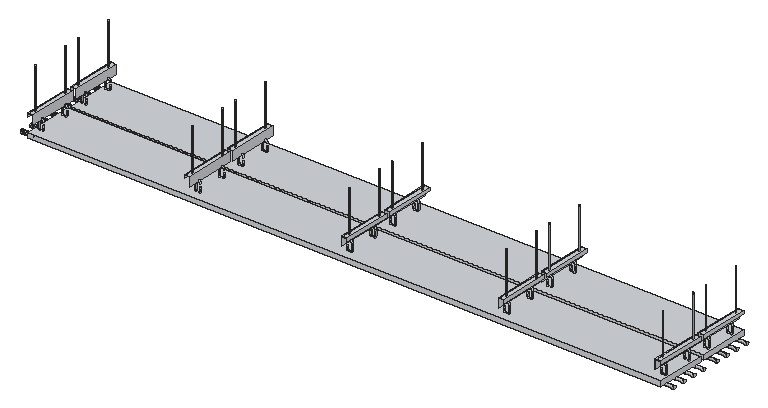
Revit family "INFRA_AQUA_ECO_TYPE_2", category Mechanical Equipment, Revit 2015
Parameters (values of type "Type 2 L=4000")
  URL = "http://www.markclimate.co.uk/radiant-heating/water-supplied/infra-aqua-eco/"
  Total_width = 636 mm
  Space_between_elements = 12 mm
  Product_serie = "INFRA AQUA ECO"  # constant formula
  Pipe_spacing = 75 mm
  Panelweight [instance] = 12.40 kg
  Panel_height = 42 mm
  Model = "Type 1"
  Material_index = 4
  Material = none
  Manufacturer = "MARK Climate Technology"  # constant formula
  Length = Material_index * 1000 mm  # 4000 mm
  Last_panel [instance] = no
  Ifc_Export_type = "RADIATOR"  # constant formula
  Ifc_Export_as = "IfcSpaceHeater"  # constant formula
  Ifc_Description = "Radiant heater, waterfed, type INFRA AQUA ECO"  # constant formula
  Hook_panel = 28.302 mm
  Heating_load = 0 W
  Hanger_downforce_per_anchor [instance] = 12.16 kN
  First_panel [instance] = no
  Description = "Radiant heater, waterfed, type INFRA AQUA ECO"  # constant formula
  Date_last_modification = ""
  Ceiling_height = 350 mm
Types (3, lengths in mm): name | Panelweight | Material_index | Material | Length | Hanger_downforce_per_anchor
  (no name) | 12.40 kg | 4 | none | 4000 | 12.16 kN
  Type 2 L=4000 | 12.40 kg | 4 | none | 4000 | 12.16 kN
  Type 2 L=6000 | 18.50 kg | 6 | Aluminium | 6000 | 18.15 kN
Reference planes
  plane 1 "Center (Front/Back)": y = 165
  plane 2: z = 0
  plane 3 "Center (Left/Right)": x = 0
  plane 4: z = -12
  plane 5: x = -1945
  plane 6: x = 1945
  plane 7: x = 2000
  plane 8: x = -2000
  plane 9: z = -11
  plane 10: y = -153
  plane 11: z = 30
  plane 12: y = -102.5
  plane 13: y = -122.5
  plane 14: y = -47.5
  plane 15: y = -27.5
  plane 16: y = 27.5
  plane 17: y = 47.5
  plane 18: y = 102.5
  plane 19: y = 122.5
  plane 20: z = 4
  plane 21: z = 58.302
  plane 22: y = 112.5
  plane 23: y = 37.5
  plane 24: y = -37.5
  plane 25: y = -112.5
  plane 26: z = -3.5
  plane 27: z = -11
  plane 28: z = 30
  plane 29: y = 227.5
  plane 30: y = 207.5
  plane 31: y = 282.5
  plane 32: y = 302.5
  plane 33: y = 357.5
  plane 34: y = 377.5
  plane 35: y = 432.5
  plane 36: y = 452.5
  plane 37: z = 4
  plane 38: z = 58.302
  plane 39: y = 442.5
  plane 40: y = 367.5
  plane 41: y = 292.5
  plane 42: y = 217.5
  plane 43: z = -3.5
  plane 44: y = 483
  plane 45: y = 330
Forms (mm)
  Extrusion 1, solid
    sketch origin (0, 0, 0) x (0, 1, 0) y (0, 0, 1)
      loop
        circle (-112.5, -3.5) r 7.5
      loop
        circle (-37.5, -3.5) r 7.5
      loop
        circle (37.5, -3.5) r 7.5
      loop
        circle (112.5, -3.5) r 7.5
    from -2000 to 2000
  Extrusion 2, solid, material <- "Material"
    sketch origin (0, 330, 0) x (0, 1, 0) y (0, 0, 1)
      loop
        spline (-122.5, 0) -> (-122.159, -3.106) -> (-121.16, -6) -> (-119.571, -8.485) -> (-117.5, -10.392) -> (-115.088, -11.591) -> (-112.5, -12) -> (-109.912, -11.591) -> (-107.5, -10.392) -> (-105.429, -8.485) -> (-103.84, -6) -> (-102.841, -3.106) -> (-102.5, 0)
        line (-102.5, 0) -> (-47.5, 0)
        spline (-47.5, 0) -> (-47.159, -3.106) -> (-46.16, -6) -> (-44.571, -8.485) -> (-42.5, -10.392) -> (-40.088, -11.591) -> (-37.5, -12) -> (-34.912, -11.591) -> (-32.5, -10.392) -> (-30.429, -8.485) -> (-28.84, -6) -> (-27.841, -3.106) -> (-27.5, 0)
        line (-27.5, 0) -> (27.5, 0)
        spline (27.5, 0) -> (27.841, -3.106) -> (28.84, -6) -> (30.429, -8.485) -> (32.5, -10.392) -> (34.912, -11.591) -> (37.5, -12) -> (40.088, -11.591) -> (42.5, -10.392) -> (44.571, -8.485) -> (46.16, -6) -> (47.159, -3.106) -> (47.5, 0)
        line (47.5, 0) -> (102.5, 0)
        spline (102.5, 0) -> (102.841, -3.106) -> (103.84, -6) -> (105.429, -8.485) -> (107.5, -10.392) -> (109.912, -11.591) -> (112.5, -12) -> (115.088, -11.591) -> (117.5, -10.392) -> (119.571, -8.485) -> (121.16, -6) -> (122.159, -3.106) -> (122.5, 0)
        line (122.5, 0) -> (153, 0) -> (153, 30) -> (-153, 30) -> (-153, 0) -> (-122.5, 0)
      loop
        line (-177, 30) -> (-483, 30) -> (-483, 0) -> (-452.5, 0)
        spline (-452.5, 0) -> (-452.159, -3.106) -> (-451.16, -6) -> (-449.571, -8.485) -> (-447.5, -10.392) -> (-445.088, -11.591) -> (-442.5, -12) -> (-439.912, -11.591) -> (-437.5, -10.392) -> (-435.429, -8.485) -> (-433.84, -6) -> (-432.841, -3.106) -> (-432.5, 0)
        line (-432.5, 0) -> (-377.5, 0)
        spline (-377.5, 0) -> (-377.159, -3.106) -> (-376.16, -6) -> (-374.571, -8.485) -> (-372.5, -10.392) -> (-370.088, -11.591) -> (-367.5, -12) -> (-364.912, -11.591) -> (-362.5, -10.392) -> (-360.429, -8.485) -> (-358.84, -6) -> (-357.841, -3.106) -> (-357.5, 0)
        line (-357.5, 0) -> (-302.5, 0)
        spline (-302.5, 0) -> (-302.159, -3.106) -> (-301.16, -6) -> (-299.571, -8.485) -> (-297.5, -10.392) -> (-295.088, -11.591) -> (-292.5, -12) -> (-289.912, -11.591) -> (-287.5, -10.392) -> (-285.429, -8.485) -> (-283.84, -6) -> (-282.841, -3.106) -> (-282.5, 0)
        line (-282.5, 0) -> (-227.5, 0)
        spline (-227.5, 0) -> (-227.159, -3.106) -> (-226.16, -6) -> (-224.571, -8.485) -> (-222.5, -10.392) -> (-220.088, -11.591) -> (-217.5, -12) -> (-214.912, -11.591) -> (-212.5, -10.392) -> (-210.429, -8.485) -> (-208.84, -6) -> (-207.841, -3.106) -> (-207.5, 0)
        line (-207.5, 0) -> (-177, 0) -> (-177, 30)
    from -1945 to 1945
  Extrusion 3, solid
    sketch origin (0, 330, 0) x (0, 1, 0) y (0, 0, 1)
      loop
        circle (-112.5, -3.5) r 7.5
      loop
        circle (-37.5, -3.5) r 7.5
      loop
        circle (37.5, -3.5) r 7.5
      loop
        circle (112.5, -3.5) r 7.5
    from -2000 to 2000
Dimensions and locks
  "Length": plane 8 to plane 7
  plane 8 to plane 5 = 55 mm
  locked: plane 6 to plane 7 at 55
  equal spacing: plane 5, plane 3 "Center (Left/Right)", plane 6
  "Hook_panel": plane 21 to plane 11
  equal spacing: nested 1, nested 3, nested 5, nested 4, nested 2
  "Panel_height": plane 11 to plane 4
  locked: plane 19 to plane 18 at 20
  locked: plane 17 to plane 16 at 20
  locked: plane 15 to plane 14 at 20
  locked: plane 12 to plane 13 at 20
  equal spacing: plane 20, plane 26, plane 9
  "Pipe_spacing": plane 23 to plane 22
  "Pipe_spacing": plane 23 to plane 24
  "Pipe_spacing": plane 24 to plane 25
  "Hook_panel": plane 38 to plane 28
  equal spacing: nested 10, nested 12, nested 14, nested 13, nested 11
  locked: plane 36 to plane 35 at 20
  locked: plane 34 to plane 33 at 20
  locked: plane 32 to plane 31 at 20
  locked: plane 29 to plane 30 at 20
  equal spacing: plane 37, plane 43, plane 27
  "Pipe_spacing": plane 41 to plane 42
  "Pipe_spacing": plane 40 to plane 41
  "Pipe_spacing": plane 39 to plane 40
  "Space_between_elements": plane 1 "Center (Front/Back)" to Extrusion 2  (x2)
  equal spacing: plane 10, plane 1 "Center (Front/Back)", plane 44
  "Total_width": plane 10 to plane 44
  equal spacing: Extrusion 2, plane 1 "Center (Front/Back)", Extrusion 2
  aligned and locked: level to plane 2
  aligned and locked: nested 2 to plane 21
  aligned and locked: plane 8 to nested 9
  aligned and locked: nested 8 to plane 8
  aligned and locked: plane 8 to nested 7
  aligned and locked: plane 8 to nested 6
  aligned and locked: Extrusion 1 to plane 7
  aligned and locked: plane 8 to Extrusion 1  (x5)
  aligned and locked: plane 25 to Extrusion 1 sketch curve  (x2)
  aligned and locked: plane 22 to Extrusion 1 sketch curve  (x2)
  aligned and locked: plane 23 to Extrusion 1 sketch curve  (x2)
  aligned and locked: plane 24 to Extrusion 1 sketch curve  (x2)
  aligned and locked: nested 6 to plane 25
  aligned and locked: nested 7 to plane 24
  aligned and locked: nested 8 to plane 23
  aligned and locked: plane 22 to nested 9
  aligned and locked: nested 11 to plane 38
  aligned and locked: plane 31 to Extrusion 2
  aligned and locked: plane 42 to Extrusion 3 sketch curve  (x2)
  aligned and locked: plane 39 to Extrusion 3 sketch curve  (x2)
  aligned and locked: plane 40 to Extrusion 3 sketch curve  (x2)
  aligned and locked: plane 41 to Extrusion 3 sketch curve  (x2)
  aligned and locked: nested 15 to plane 42
  aligned and locked: nested 16 to plane 41
  aligned and locked: nested 17 to plane 40
  aligned and locked: plane 39 to nested 18
  aligned and locked: Extrusion 2 to plane 44
  aligned and locked: Extrusion 2 to plane 10
  aligned and locked: Extrusion 2 to plane 5
  aligned and locked: plane 5 to nested 11
  aligned and locked: plane 5 to nested 2
  aligned and locked: plane 8 to Extrusion 3  (x4)
  aligned and locked: plane 6 to Extrusion 2
  aligned and locked: plane 6 to nested 1
  aligned and locked: plane 6 to nested 10
  aligned and locked: Extrusion 3 to plane 7
  aligned and locked: plane 7 to Extrusion 1
  aligned and locked: nested 18 to plane 8
  aligned and locked: nested 17 to plane 8
  aligned and locked: nested 16 to plane 8
  aligned and locked: nested 15 to plane 8
Automatic sketch dimensions
  Extrusion 1 sketch curve to Extrusion 1 sketch curve = 0 mm  (x4)
  Extrusion 1 sketch curve to plane 9 = 0 mm  (x4)
  Extrusion 1 sketch curve to plane 26 = 0 mm  (x4)
  Extrusion 3 sketch curve to Extrusion 3 sketch curve = 0 mm  (x4)
  plane 9 to Extrusion 3 sketch curve = 0 mm  (x4)
  plane 26 to Extrusion 3 sketch curve = 0 mm  (x4)
  Extrusion 2 sketch curve to plane 10 = 0 mm
  Extrusion 2 sketch curve to level = 0 mm  (x2)
  Extrusion 2 sketch curve to plane 13 = 0 mm
  Extrusion 2 sketch curve to plane 25 = 0 mm
  Extrusion 2 sketch curve to plane 14 = 0 mm
  Extrusion 2 sketch curve to plane 24 = 0 mm
  Extrusion 2 sketch curve to plane 16 = 0 mm
  Extrusion 2 sketch curve to plane 23 = 0 mm
  Extrusion 2 sketch curve to plane 18 = 0 mm
  Extrusion 2 sketch curve to plane 22 = 0 mm
  Extrusion 2 sketch curve to plane 11 = 0 mm
  Extrusion 2 sketch curve to plane 30 = 0 mm
  Extrusion 2 sketch curve to plane 42 = 0 mm
  Extrusion 2 sketch curve to plane 31 = 0 mm
  Extrusion 2 sketch curve to plane 41 = 0 mm
  Extrusion 2 sketch curve to plane 33 = 0 mm
  Extrusion 2 sketch curve to plane 40 = 0 mm
  Extrusion 2 sketch curve to plane 35 = 0 mm
  Extrusion 2 sketch curve to plane 39 = 0 mm
  Extrusion 2 sketch curve to plane 44 = 0 mm
  plane 11 to Extrusion 2 sketch curve = 0 mm
  plane 1 "Center (Front/Back)" to Extrusion 2 sketch curve = 12 mm
  Extrusion 2 sketch curve to plane 1 "Center (Front/Back)" = 12 mm
Nested families
  nested 1: "NLRS_50_ME_WPB_ophanging Infra Aqua ECO_Mark" at (1928, 0, 43.302), Ceiling_height <- "Ceiling_height", type "1p"
    with artikelnummer "", Length 306 mm, GTIN_Code "", EAN_code "", Ceiling_height 350 mm
  nested 2: "NLRS_50_ME_WPB_ophanging Infra Aqua ECO_Mark" at (-1928, 0, 43.302) x (-1, 0, 0) z (0, 0, 1), Ceiling_height <- "Ceiling_height", type "1p"
    with artikelnummer "", Length 306 mm, GTIN_Code "", EAN_code "", Ceiling_height 350 mm
  nested 3: "NLRS_50_ME_WPB_ophanging Infra Aqua ECO_Mark" at (964, 0, 43.302), Ceiling_height <- "Ceiling_height", type "1p"
    with artikelnummer "", Length 306 mm, GTIN_Code "", EAN_code "", Ceiling_height 350 mm
  nested 4: "NLRS_50_ME_WPB_ophanging Infra Aqua ECO_Mark" at (-964, 0, 43.302) x (-1, 0, 0) z (0, 0, 1), Ceiling_height <- "Ceiling_height", type "1p"
    with artikelnummer "", Length 306 mm, GTIN_Code "", EAN_code "", Ceiling_height 350 mm
  nested 5: "NLRS_50_ME_WPB_ophanging Infra Aqua ECO_Mark" at (0, 0, 43.302), Ceiling_height <- "Ceiling_height", type "1p"
    with artikelnummer "", Length 306 mm, GTIN_Code "", EAN_code "", Ceiling_height 350 mm
  nested 6: "NLRS_50_PIF_UN_perskoppeling_MARK" at (-2000, -112.5, -3.5), type "ø15"
    with artikelnummer "", GTIN_Code "", EAN_code ""
  nested 7: "NLRS_50_PIF_UN_perskoppeling_MARK" at (-2000, -37.5, -3.5), type "ø15"
    with artikelnummer "", GTIN_Code "", EAN_code ""
  nested 8: "NLRS_50_PIF_UN_perskoppeling_MARK" at (-2000, 37.5, -3.5), type "ø15"
    with artikelnummer "", GTIN_Code "", EAN_code ""
  nested 9: "NLRS_50_PIF_UN_perskoppeling_MARK" at (-2000, 112.5, -3.5), type "ø15"
    with artikelnummer "", GTIN_Code "", EAN_code ""
  nested 10: "NLRS_50_ME_WPB_ophanging Infra Aqua ECO_Mark" at (1928, 330, 43.302), Ceiling_height <- "Ceiling_height", type "1p"
    with artikelnummer "", Length 306 mm, GTIN_Code "", EAN_code "", Ceiling_height 350 mm
  nested 11: "NLRS_50_ME_WPB_ophanging Infra Aqua ECO_Mark" at (-1928, 330, 43.302) x (-1, 0, 0) z (0, 0, 1), Ceiling_height <- "Ceiling_height", type "1p"
    with artikelnummer "", Length 306 mm, GTIN_Code "", EAN_code "", Ceiling_height 350 mm
  nested 12: "NLRS_50_ME_WPB_ophanging Infra Aqua ECO_Mark" at (964, 330, 43.302), Ceiling_height <- "Ceiling_height", type "1p"
    with artikelnummer "", Length 306 mm, GTIN_Code "", EAN_code "", Ceiling_height 350 mm
  nested 13: "NLRS_50_ME_WPB_ophanging Infra Aqua ECO_Mark" at (-964, 330, 43.302) x (-1, 0, 0) z (0, 0, 1), Ceiling_height <- "Ceiling_height", type "1p"
    with artikelnummer "", Length 306 mm, GTIN_Code "", EAN_code "", Ceiling_height 350 mm
  nested 14: "NLRS_50_ME_WPB_ophanging Infra Aqua ECO_Mark" at (0, 330, 43.302), Ceiling_height <- "Ceiling_height", type "1p"
    with artikelnummer "", Length 306 mm, GTIN_Code "", EAN_code "", Ceiling_height 350 mm
  nested 15: "NLRS_50_PIF_UN_perskoppeling_MARK" at (-2000, 217.5, -3.5), type "ø15"
    with artikelnummer "", GTIN_Code "", EAN_code ""
  nested 16: "NLRS_50_PIF_UN_perskoppeling_MARK" at (-2000, 292.5, -3.5), type "ø15"
    with artikelnummer "", GTIN_Code "", EAN_code ""
  nested 17: "NLRS_50_PIF_UN_perskoppeling_MARK" at (-2000, 367.5, -3.5), type "ø15"
    with artikelnummer "", GTIN_Code "", EAN_code ""
  nested 18: "NLRS_50_PIF_UN_perskoppeling_MARK" at (-2000, 442.5, -3.5), type "ø15"
    with artikelnummer "", GTIN_Code "", EAN_code ""
Definition of nested family "NLRS_50_ME_WPB_ophanging Infra Aqua ECO_Mark"
  Parameters (values of type "3p")
    product_serie = ""
    Ceiling_height [instance] = 350 mm
    artikelnummer [instance] = ""
    Type Comments = ""
    Model = ""
    Material = none
    Length [instance] = 302 mm
    IfcExportType = ""
    IfcExportAs = ""
    IfcDescription = ""
    GTIN_Code [instance] = ""
    EAN_code [instance] = ""
    Distance_between_hooks = 180 mm
    Description = "Suspention set"  # constant formula
  Types (5, lengths in mm): name | Length
    1p | 302
    2p | 619
    3p | 302
    4p | 1283
    Std | 1283
  Reference planes
    plane 1 "Center (Front/Back)": y = 0
    plane 2: z = 0
    plane 3 "Center (Left/Right)": x = 0
    plane 4: y = 151
    plane 5: y = -151
    plane 6: y = 90
    plane 7: y = -90
  Forms (mm)
    Extrusion 1, solid
      sketch origin (0, 0, 0) x (1, 0, 0) y (0, 0, 1)
        loop
          line (-15, 40) -> (-15, 93) -> (15, 93) -> (15, 75) -> (17, 75) -> (17, 95) -> (-17, 95) -> (-17, 40) -> (-15, 40)
      from 151 to -151
    Extrusion 2, solid
      sketch origin (0, 0, 0) x (1, 0, 0) y (0, 1, 0)
        loop
          circle (0, 113.25) r 1.5
        loop
          circle (0, -113.25) r 1.5
      from 95 to 350
    Sweep 3, solid
      path origin (-34, 90, 1200) x (1, 0, 0) y (0, 0, 1)
        loop
          arc (3, -1165) -> (18, -1150) -> (33, -1165) r 15
          line (33, -1165) -> (33, -1205)
          arc (33, -1205) -> (18, -1220) -> (3, -1205) r 15
          line (3, -1205) -> (3, -1185)
      profile origin (-31, 90, 5) x (-1, 0, 0) y (0, -1, 0)
        loop
          circle (0, 0) r 3
    Sweep 4, solid
      path origin (-34, -90, 1200) x (1, 0, 0) y (0, 0, 1)
        loop
          arc (3, -1165) -> (18, -1150) -> (33, -1165) r 15
          line (33, -1165) -> (33, -1205)
          arc (33, -1205) -> (18, -1220) -> (3, -1205) r 15
          line (3, -1205) -> (3, -1185)
      profile origin (-31, -90, 5) x (1, 0, 0) y (0, 1, 0)
        loop
          circle (0, 0) r 3
  Text (mm)
    text "®  Itannex" at (-0.074, 40.744, 0), in view "Ref. Level"
  Dimensions and locks
    Extrusion 1 sketch curve to plane 2 = 40 mm
    Extrusion 1 sketch curve to Extrusion 1 sketch curve = 55 mm
    "Ceiling_height": Extrusion 2 to plane 2
    "Length": plane 5 to plane 4
    equal spacing: plane 4, plane 1 "Center (Front/Back)", plane 5
    plane 4 to Extrusion 2 sketch curve = 37.75 mm
    plane 5 to Extrusion 2 sketch curve = 37.75 mm
    "Distance_between_hooks": plane 6 to plane 7
    equal spacing: plane 6, plane 1 "Center (Front/Back)", plane 7
    aligned and locked: level to plane 2
    aligned and locked: plane 4 to Extrusion 1
    aligned and locked: plane 5 to Extrusion 1
  Automatic sketch dimensions
    Extrusion 1 sketch curve to plane 3 "Center (Left/Right)" = 17 mm
    Extrusion 1 sketch curve to Extrusion 1 sketch curve = 2 mm  (x3)
    plane 3 "Center (Left/Right)" to Extrusion 1 sketch curve = 15 mm
    Extrusion 1 sketch curve to Extrusion 1 sketch curve = 20 mm
    Extrusion 2 sketch curve to plane 3 "Center (Left/Right)" = 0 mm  (x2)
    Sweep 3 sketch curve to level = 5 mm
    Sweep 3 sketch curve to plane 3 "Center (Left/Right)" = 31 mm
    Sweep 3 sketch curve to Sweep 3 sketch curve = 15 mm  (x2)
    level to Sweep 3 sketch curve = 35 mm
    level to Sweep 3 sketch curve = 15 mm
    Sweep 3 sketch curve to profile plane = 0 mm
    profile plane to Sweep 3 sketch curve = 0 mm
    level to Sweep 4 sketch curve = 5 mm
    plane 3 "Center (Left/Right)" to Sweep 4 sketch curve = 31 mm
    Sweep 4 sketch curve to Sweep 4 sketch curve = 15 mm  (x2)
    Sweep 4 sketch curve to level = 35 mm
    Sweep 4 sketch curve to level = 15 mm
    Sweep 4 sketch curve to plane 7 = 0 mm
    Sweep 4 sketch curve to profile plane = 0 mm
    radius of Extrusion 2 sketch curve = 1.5 mm  (x2)
    radius of Sweep 3 sketch curve = 3 mm
    radius of Sweep 4 sketch curve = 3 mm
Definition of nested family "NLRS_50_PIF_UN_perskoppeling_MARK"
  Parameters (values of type "ø15")
    type_index = 0
    Radius = 7.5 mm
    product_serie = ""
    material_index = 0
    Lenght = 30 mm
    artikelnummer [instance] = ""
    Type Comments = ""
    NLRS_C_materiaal = none
    Model = "LOD400"
    Manufacturer = "Mark Climate Technology"  # constant formula
    IfcExportType = "UNION"  # constant formula
    IfcExportAs = "IfcPipeFitting"  # constant formula
    IfcDescription = Description  # "Press connection"
    GTIN_Code [instance] = ""
    EAN_code [instance] = ""
    Description = "Press connection"  # constant formula
    Date_last_modification = ""
  Reference planes
    plane 1 "Center (Front/Back)": y = 0
    plane 2: z = 0
    plane 3 "Center (Left/Right)": x = 0
  Forms (mm)
    Revolve 1, solid, material <- "NLRS_C_materiaal"
      sketch origin (0, 0, 0) x (1, 0, 0) y (0, 1, 0)
        loop
          line (-15, 7.5) -> (15, 7.5) -> (15, 9)
          arc (15, 9) -> (14, 10) -> (13, 9) r 1
          line (13, 9) -> (13, 8) -> (0.5, 8) -> (0.5, 9)
          arc (0.5, 9) -> (0, 9.5) -> (-0.5, 9) r 0.5
          line (-0.5, 9) -> (-0.5, 8) -> (-13, 8) -> (-13, 9)
          arc (-13, 9) -> (-14, 10) -> (-15, 9) r 1
          line (-15, 9) -> (-15, 7.5)
        axis (-15, 0) -> (15, 0)
      angle from 0 to 360
  Text (mm)
    text "®  Itannex" at (-0.074, 40.744, 0), in view "Ref. Level"
  Dimensions and locks
    "Radius": plane 1 "Center (Front/Back)" to Revolve 1 sketch curve
    Revolve 1 sketch curve to Revolve 1 sketch curve = 0.5 mm
    equal spacing: Revolve 1 sketch curve, plane 3 "Center (Left/Right)", Revolve 1 sketch curve
    Revolve 1 sketch curve to Revolve 1 sketch curve = 1.5 mm  (x3)
    "Lenght": Revolve 1 sketch curve to Revolve 1 sketch curve
    aligned and locked: level to plane 2
  Automatic sketch dimensions
    plane 1 "Center (Front/Back)" to Revolve 1 sketch curve = 0 mm
    Revolve 1 sketch curve to plane 3 "Center (Left/Right)" = 0 mm
    Revolve 1 sketch curve to Revolve 1 sketch curve = 1 mm  (x2)
    Revolve 1 sketch curve to plane 3 "Center (Left/Right)" = 0.5 mm
    Revolve 1 sketch curve to Revolve 1 sketch curve = 2 mm
    Revolve 1 sketch curve to Revolve 1 sketch curve = 3.224 mm
    Revolve 1 sketch curve to Revolve 1 sketch curve = 5.775 mm
